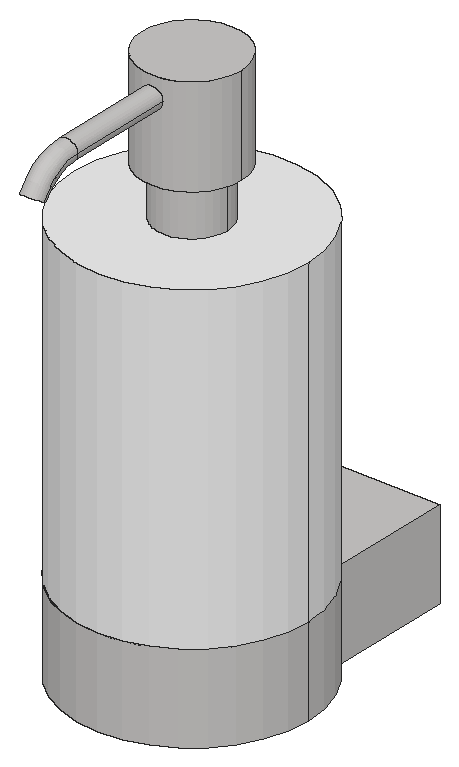
Revit family "KEUCO_14953019000", category Sonderausstattung, Revit 2016
Family settings
  Teiletyp = Normal
  Bemaßung runder Anschluss = Durchmesser verwenden
  Arbeitsebenenbasiert = Nein
  Immer vertikal = Ja
  Beim Laden mit Abzugskörper schneiden = Nein
  Gemeinsam genutzt = Nein
  Raumberechnungspunkt = Nein
Parameters (values of type "14953019000")
  Verwendung = "BI / GWC / WP"  # constant formula
  URL = "https://www.keuco.com/de/produkte/sortiment/artikel/?pid=14953&oid=2&pgo=11&country=de&lang=de&vid=14953019000"
  Preisgruppe = "1"  # constant formula
  Materialien bei Hersteller anfragen = "Anfrage zu:  objektmanagement@keuco.de"
  Material Glas = Glas, weiß, hohe Luminanz
  Serie = "Plan"  # constant formula
  Material Regal [instance] = Edelstahl
  Kategorie = "ACC"  # constant formula
  Hersteller = "KEUCO"  # constant formula
  Gewicht = 382
  Beschreibung = "Echtkristall mattiert, komplett mit Halter und Pumpe\r\nFüllmenge: ca. 250 ml\r\nDosiermenge: ca. 0,5 ml/Hub"
  Ausschreibungstext = "KEUCO PLAN Lotionspender 14953019000 \r\nHochglanzverchromter Lotionspender, Wandmodell \r\nkomplett mit herausnehmbarem Echtkristalleinsatz \r\nfür leichtes Reinigen und leichtes Befüllen\r\nhochwertige und langlebige Pumpe\r\nFüllmenge ca. 250 ml, für handelsübliche Flüssigseifen\r\nDosiermenge ca. 0,5 ml/Hub\r\nGrundkörperdurchmesser 66 mm, Höhe 162 mm,Ausladung 123 mm\r\nDer Lotionspender wird verdeckt angebracht\r\nLieferung inkl. korrosionsfreiem Befestigungsmaterial"
  Artikelnummer = "14953019000"
Types (4, lengths in mm): name | URL | Materialien bei Hersteller anfragen | Material Regal | Beschreibung | Ausschreibungstext | Artikelnummer
  (no name) | "https://www.keuco.com" | "Request to:  objektmanagement@keuco.de" | Verchromt | "--" | "" | "14953019000"
  14953019000 | "https://www.keuco.com/de/produkte/sortiment/artikel/?pid=14953&oid=2&pgo=11&country=de&lang=de&vid=14953019000" | "Anfrage zu:  objektmanagement@keuco.de" | Edelstahl | "Echtkristall mattiert, komplett mit Halter und Pumpe\r\nFüllmenge: ca. 250 ml\r\nDosiermenge: ca. 0,5 ml/Hub" | "KEUCO PLAN Lotionspender 14953019000 \r\nHochglanzverchromter Lotionspender, Wandmodell \r\nkomplett mit herausnehmbarem Echtkristalleinsatz \r\nfür leichtes Reinigen und leichtes Befüllen\r\nhochwertige und langlebige Pumpe\r\nFüllmenge ca. 250 ml, für handelsübliche Flüssigseifen\r\nDosiermenge ca. 0,5 ml/Hub\r\nGrundkörperdurchmesser 66 mm, Höhe 162 mm,Ausladung 123 mm\r\nDer Lotionspender wird verdeckt angebracht\r\nLieferung inkl. korrosionsfreiem Befestigungsmaterial" | "14953019000"
  14953079000 | "https://www.keuco.com/de/produkte/sortiment/artikel/?pid=14953&oid=2&pgo=11&country=de&lang=de&vid=14953079000" | "Request to:  objektmanagement@keuco.de" | Edelstahl | "Echtkristall mattiert, komplett mit Halter und Pumpe\r\nFüllmenge: ca. 250 ml\r\nDosiermenge: ca. 0,5 ml/Hub" | "KEUCO PLAN Lotionspender 14953079000 \r\nLotionspender aus hochwertigem Edelstahl, Wandmodell\r\nkomplett mit herausnehmbarem Echtkristalleinsatz \r\nfür leichtes Reinigen und leichtes Befüllen\r\nhochwertige und langlebige Pumpe\r\nFüllmenge ca. 250 ml, für handelsübliche Flüssigseifen\r\nDosiermenge ca. 0,5 ml/Hub\r\nGrundkörperdurchmesser 66 mm, Höhe 162 mm, Ausladung 123 mm\r\nDer Lotionspender wird verdeckt angebracht\r\nLieferung inkl. korrosionsfreiem Befestigungsmaterial" | "14953079000"
  14953179000 | "https://www.keuco.com/de/produkte/sortiment/artikel/?pid=14953&oid=2&pgo=11&country=de&lang=de&vid=14953179000" | "Request to:  objektmanagement@keuco.de" | Aluminium silber-eloxiert (E6 EV1) | "Echtkristall mattiert, komplett mit Halter und Pumpe\r\nFüllmenge: ca. 250 ml\r\nDosiermenge: ca. 0,5 ml/Hub" | "KEUCO PLAN Lotionspender 14953179000 \r\nLotionspender Aluminium silber-eloxiert (E6 EV1)/verchromt \r\nWandmodell, komplett mit herausnehmbarem Echtkristalleinsatz \r\nfür leichtes Reinigen und leichtes Befüllen\r\nhochwertige und langlebige Pumpe\r\nFüllmenge ca. 250 ml, für handelsübliche Flüssigseifen\r\nDosiermenge ca. 0,5 ml/Hub\r\nGrundkörperdurchmesser 66 mm, Höhe 162 mm, Ausladung 123 mm\r\nDer Lotionspender verdeckt angebracht\r\nLieferung inkl. korrosionsfreiem Befestigungsmaterial" | "14953179000"
Reference planes
  plane 1 "Center (Front/Back)": y = 0
  plane 2: z = 0
  plane 3 "Center (Left/Right)": x = 0
  plane 4: y = -92
  plane 5: z = -25
  plane 6: z = 132.821
Forms (mm)
  Extrusion 1, solid, material "Edelstahl" <- "Material Regal"
    sketch origin (0, 0, 0) x (1, 0, 0) y (0, 1, 0)
      loop
        line (22.62, -34.972) -> (22.62, 0) -> (-22.62, 0) -> (-22.62, -34.972)
        arc (-22.62, -34.972) -> (0, -26) -> (22.62, -34.972) r 33
    from -25 to 0
  Extrusion 2, solid, material "Glas, weiß, hohe Luminanz" <- "Material Glas"
    sketch origin (0, 0, 0) x (1, 0, 0) y (0, 1, 0)
      loop
        circle (0, -59) r 33
    from 0 to 90.64
  Extrusion 3, solid, material "Edelstahl" <- "Material Regal"
    sketch origin (0, 0, 0) x (1, 0, 0) y (0, 1, 0)
      loop
        circle (0, -59) r 10
    from 90.64 to 104.775
  Extrusion 4, solid, material "Edelstahl" <- "Material Regal"
    sketch origin (0, 0, 62.5) x (1, 0, 0) y (0, 1, 0)
      loop
        circle (0, -59) r 14
    from 42.275 to 70
  Sweep 5, solid, material "Edelstahl" <- "Material Regal"
    path origin (0, 0, 62.5) x (0, 1, 0) y (0, 0, 1)
      loop
        line (-73.1, 64.348) -> (-103.1, 64.348)
        arc (-103.1, 64.348) -> (-109.96, 62.51) -> (-114.982, 57.488) r 13.72
    profile origin (0, -88.1, 126.848) x (0, 0, -1) y (1, 0, 0)
      loop
        circle (0, 0) r 3
  Extrusion 6, solid, material "Edelstahl" <- "Material Regal"
    sketch origin (0, 0, 0) x (1, 0, 0) y (0, 1, 0)
      loop
        circle (0, -59) r 33
    from 0 to -25
Lines and regions (mm)
  symbolic lines, style "SpecialityEquipment"
    curve 1: arc (-33, -59, 0) -> (0, -92, 0) -> (33, -59, 0) r 33
    curve 2: line (-22.62, 0, 0) -> (22.62, 0, 0)
    curve 3: line (22.62, 0, 0) -> (22.62, -34.972, 0)
    curve 4: line (-22.62, 0, 0) -> (-22.62, -34.972, 0)
    curve 5: arc (-22.62, -34.972, 0) -> (0, -92, 0) -> (22.62, -34.972, 0) r 33
Dimensions and locks
  plane 4 to plane 1 "Center (Front/Back)" = 92 mm
  plane 2 to plane 5 = 25 mm
  plane 6 to plane 5 = 157.821 mm
  locked: plane 2 to plane 5 at 25
  aligned and locked: level to plane 2
